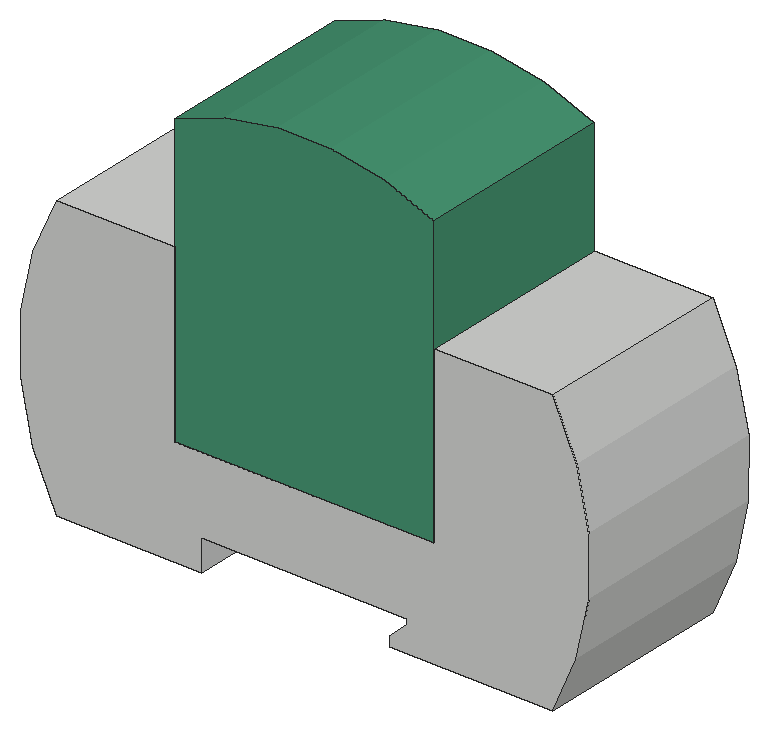
Revit family "Kombiableiter 1-polig mit Funktionsanzeige", category Generic Models, Revit 2015
Parameters (values of type "MCD 50-B-OS")
  Width 1 = 44.9 mm
  Width = 100 mm
  URL = "http://www.obo-bettermann.com"
  Material 2 = PA6 GF20 FR HF RAL 6029
  Material = PA6 MF15 GRAU
  Manufacturer Art.No. = "5096852"
  Manufacturer = "OBO Bettermann"
  Length = 35 mm
  Height 1 = 49.5 mm
  Height = 74.7 mm
  GTIN = "4012195051466"
  Article Type = "MCD 50-B-OS"
Reference planes
  plane 1 "Center (Front/Back)": y = 0
  plane 2: z = 0
  plane 3 "Center (Left/Right)": x = 0
  plane 4: z = 49.5
  plane 5: x = -50
  plane 6: x = 50
  plane 7: y = 35
  plane 8: z = 74.7
  plane 9: z = 69.58
Forms (mm)
  Extrusion 1, solid, material "PA6 MF15 GRAU" <- "Material"
    sketch origin (0, 0, 0) x (1, 0, 0) y (0, 0, 1)
      loop
        line (-18, 0.011) -> (-18, 5.5) -> (18, 5.5) -> (18, 4.48) -> (15, 1.772) -> (15, -0.016) -> (43.44, -0.016)
        arc (43.44, -0.016) -> (49.992, 24.724) -> (43.5, 49.481) r 50.213
        line (43.5, 49.481) -> (22.7, 49.481) -> (22.7, 19) -> (-22.7, 19) -> (-22.7, 49.513) -> (-43.4, 49.513)
        arc (-43.4, 49.513) -> (-50.021, 24.767) -> (-43.44, 0.011) r 49.702
        line (-43.44, 0.011) -> (-18, 0.011)
    from -35 to 0
  Extrusion 2, solid, material "PA6 GF20 FR HF RAL 6029" <- "Material 2"
    sketch origin (0, 0, 0) x (1, 0, 0) y (0, 0, 1)
      loop
        line (-22.7, 69.58) -> (-22.7, 19) -> (22.7, 19) -> (22.7, 69.58)
        arc (22.7, 69.58) -> (0, 74.7) -> (-22.7, 69.58) r 52.881
    from -35 to 0
Dimensions and locks
  locked: Extrusion 1 sketch curve to level at 5.5
  locked: Extrusion 1 sketch curve to Extrusion 1 sketch curve at 36
  locked: plane 3 "Center (Left/Right)" to Extrusion 1 sketch curve at 18
  locked: Extrusion 1 sketch curve to Extrusion 1 sketch curve at 33
  locked: Extrusion 1 sketch curve to level at 1.772
  locked: Extrusion 1 sketch curve to Extrusion 1 sketch curve at 1.02
  locked: Extrusion 1 sketch curve to Extrusion 1 sketch curve at 86.88
  locked: plane 3 "Center (Left/Right)" to Extrusion 1 sketch curve at 43.44
  "Height 1": plane 4 to level
  locked: Extrusion 1 sketch curve to Extrusion 1 sketch curve at 86.9
  "Width": plane 6 to plane 5
  locked: plane 3 "Center (Left/Right)" to plane 5 at 50
  locked: plane 3 "Center (Left/Right)" to Extrusion 1 sketch curve at 43.4
  locked: Extrusion 1 sketch curve to Extrusion 1 sketch curve at 45.4
  equal spacing: Extrusion 1 sketch curve, plane 3 "Center (Left/Right)", Extrusion 1 sketch curve, locked at 22.7 each
  locked: plane 4 to Extrusion 1 sketch curve at 30.5
  "Length": plane 1 "Center (Front/Back)" to plane 7
  "Height": plane 8 to level
  plane 8 to plane 9 = 5.12 mm
  radius of Extrusion 2 sketch curve = 52.881 mm
  radius of Extrusion 1 sketch curve = 49.702 mm
  radius of Extrusion 1 sketch curve = 50.213 mm
  aligned and locked: level to plane 2
  aligned and locked: plane 7 to Extrusion 1
  aligned and locked: plane 1 "Center (Front/Back)" to Extrusion 1
  aligned and locked: Extrusion 2 sketch curve to Extrusion 1  (x3)
  aligned and locked: plane 9 to Extrusion 2 sketch curve  (x2)
  aligned and locked: Extrusion 1 to Extrusion 2
  aligned and locked: plane 1 "Center (Front/Back)" to Extrusion 2
Automatic sketch dimensions
  plane 4 to Extrusion 1 sketch curve = 0.013 mm
  Extrusion 1 sketch curve to Extrusion 1 sketch curve = 0.099 mm
  Extrusion 1 sketch curve to level = 0.016 mm
  Extrusion 1 sketch curve to plane 4 = 0.019 mm
